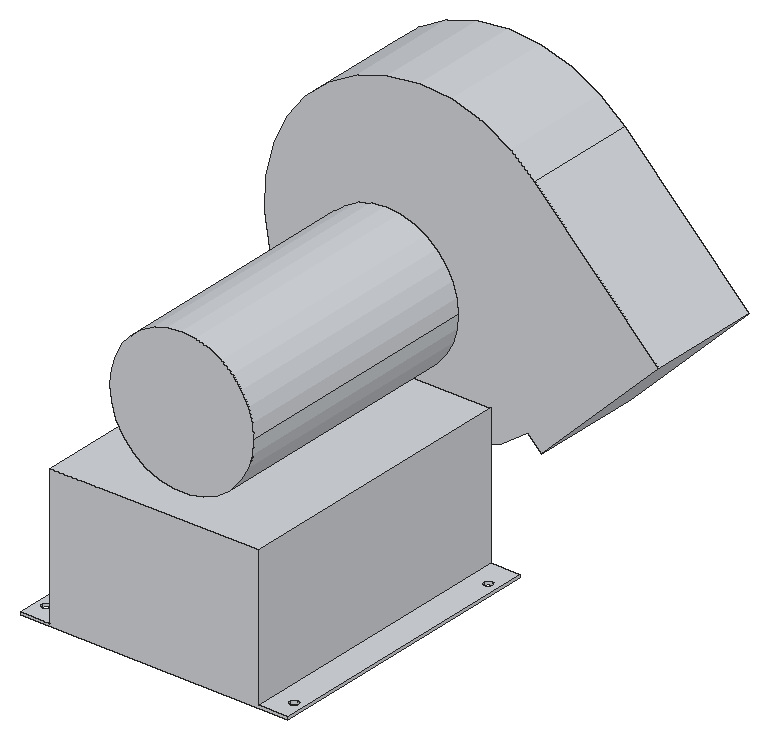
Revit family "CPFD_CW_TAD", category Mechanical Equipment, Revit 2019
Family settings
  Round Connector Dimension = Use Radius
  Part Type = Normal
  Work Plane-Based = No
  Always vertical = Yes
  Cut with Voids When Loaded = No
  Shared = No
  Room Calculation Point = No
Parameters (values of type "7_CPFD_CW_TAD")
  Unit Weight [instance] = ""
  T_SQ/2 = T_SQ / 2  # 1' - 4"
  T_SQ = 2' - 8"
  Sones [instance] = ""
  SPACE = 0' - 2 1/2"
  S = 0' - 4 3/4"
  R = 0' - 1 1/4"
  Q = 0' - 3 7/8"
  P/6 = P / 6  # 0' - 1.16667"
  P/2 = P / 2  # 0' - 3 1/2"
  P = 0' - 7"
  N/2 = N / 2  # 0' - 0 7/32"
  N = 0' - 0 7/16"
  Motor RPM [instance] = ""
  Motor Enclosure [instance] = ""
  ModelID [instance] = ""
  M = 0' - 3 5/8"
  LwA [instance] = ""
  L = 0' - 7 1/8"
  K = 0' - 1"
  J = 1' - 0 1/4"
  H/2 = H / 2  # 0' - 6 1/4"
  H-1.5" = H - 0' 1 1/2"  # 0' - 11"
  H = 1' - 0 1/2"
  G-Q = 0' - 5 49/128"
  G-1" = G - 0' 1"  # 1' - 0 3/4"
  G = 1' - 1 3/4"
  Fan RPM [instance] = ""
  F+1.25" = -(F + 0' 1 1/4")  # -0' - 6 5/8"
  F+.25" = -(F + 0' 0 1/4")  # -0' - 5 5/8"
  F = 0' - 5 3/8"
  E+.25" = E + 0' 0 1/4"  # 0' - 8 5/8"
  E = 0' - 8 3/8"
  D-S = D - S  # 0' - 5 7/8"
  D+R = D + R  # 0' - 11 7/8"
  D = 0' - 10 5/8"
  C/2 = C / 2  # 0' - 9"
  C = 1' - 6"
  B/2 = B / 2  # 0' - 10 1/8"
  B-F-2" = B - F - 0' 2"  # 1' - 0 7/8"
  B-F-.25" = B - F - 0' 0 1/4"  # 1' - 2 5/8"
  B = 1' - 8 1/4"
  Accessories [instance] = ""
  A/2 = A / 2  # 0' - 6 3/4"
  A = 1' - 1 1/2"
  45_ = 45.00°
  45 = 225.00°  # constant formula
  3" = 0' - 3"  # constant formula
  Brake Hp [instance] = ""
  4" = 0' - 4"  # constant formula
  2' = 2' - 0"
  2" = 0' - 2"  # constant formula
  1" = 0' - 1"  # constant formula
  0 = 0' - 0"  # constant formula
  Voltage [instance] = 0 V
  URL = "www.lorencook.com"
  Type Comments = "Forward Curved Centrifugal Blower Direct Drive Clockwise Top Angular Down Arrangement 4"  # constant formula
  Static Pressure [instance] = 0.00 in-wg
  Power [instance] = Voltage * Motor FLA * sqrt(if(Phase = 3, 3, 1))  # 0 VA
  Phase [instance] = 0
  Number of Poles [instance] = 1
  Motor Hp [instance] = "0"
  Motor FLA [instance] = 0 A
  Model = "CPFD_CW_TAD"  # constant formula
  Manufacturer = "Loren Cook Company"
  CFM [instance] = 0 CFM
  1.5 = 0' - 1 1/2"  # constant formula
  ONE EIGTH = 0' - 0 1/8"  # constant formula
  (P/2)-.125" = (P / 2) - 0' 0 1/8"  # 0' - 3 3/8"
Types (6): name | SPACE | S | R | Q | P/6 | P/2 | P | N/2 | N | M | L | J | H/2 | H-1.5" | H | G-1" | G | F+1.25" | F+.25" | F | E+.25" | E | D-S | D+R | D | C/2 | C | B/2 | B-F-2" | B-F-.25" | B | A/2 | A | (P/2)-.125"
  (no name) | 0' - 2 1/2" | 0' - 4 3/4" | 0' - 1 1/4" | 0' - 3 7/8" | 0' - 1.16667" | 0' - 3 1/2" | 0' - 7" | 0' - 0 7/32" | 0' - 0 7/16" | 0' - 3 5/8" | 0' - 7 1/8" | 1' - 0 1/4" | 0' - 6 1/4" | 0' - 11" | 1' - 0 1/2" | 1' - 0 3/4" | 1' - 1 3/4" | -0' - 6 5/8" | -0' - 5 5/8" | 0' - 5 3/8" | 0' - 8 5/8" | 0' - 8 3/8" | 0' - 5 7/8" | 0' - 11 7/8" | 0' - 10 5/8" | 0' - 9" | 1' - 6" | 0' - 10 1/8" | 1' - 0 7/8" | 1' - 2 5/8" | 1' - 8 1/4" | 0' - 6 3/4" | 1' - 1 1/2" | 0' - 3 3/8"
  6_CPFD_CW_TAD | 0' - 2" | 0' - 4 3/8" | 0' - 1 1/4" | 0' - 3 11/16" | 0' - 1.16667" | 0' - 3 1/2" | 0' - 7" | 0' - 0 7/32" | 0' - 0 7/16" | 0' - 3 5/8" | 0' - 4 5/8" | 0' - 10 3/4" | 0' - 6 1/4" | 0' - 11" | 1' - 0 1/2" | 1' - 0 1/16" | 1' - 1 1/16" | -0' - 5 7/8" | -0' - 4 7/8" | 0' - 4 5/8" | 0' - 8 1/8" | 0' - 7 7/8" | 0' - 3 3/4" | 0' - 9 3/8" | 0' - 8 1/8" | 0' - 7 15/32" | 1' - 2 15/16" | 0' - 9 1/4" | 0' - 11 7/8" | 1' - 1 5/8" | 1' - 6 1/2" | 0' - 6 3/4" | 1' - 1 1/2" | 0' - 3 3/8"
  7_CPFD_CW_TAD | 0' - 2 1/2" | 0' - 4 3/4" | 0' - 1 1/4" | 0' - 3 7/8" | 0' - 1.16667" | 0' - 3 1/2" | 0' - 7" | 0' - 0 7/32" | 0' - 0 7/16" | 0' - 3 5/8" | 0' - 7 1/8" | 1' - 0 1/4" | 0' - 6 1/4" | 0' - 11" | 1' - 0 1/2" | 1' - 0 3/4" | 1' - 1 3/4" | -0' - 6 5/8" | -0' - 5 5/8" | 0' - 5 3/8" | 0' - 8 5/8" | 0' - 8 3/8" | 0' - 5 7/8" | 0' - 11 7/8" | 0' - 10 5/8" | 0' - 9" | 1' - 6" | 0' - 10 1/8" | 1' - 0 7/8" | 1' - 2 5/8" | 1' - 8 1/4" | 0' - 6 3/4" | 1' - 1 1/2" | 0' - 3 3/8"
  9_CPFD_CW_TAD | 0' - 2" | 0' - 5 1/2" | 0' - 1 9/16" | 0' - 4 3/8" | 0' - 1 1/2" | 0' - 4 1/2" | 0' - 9" | 0' - 0 9/32" | 0' - 0 9/16" | 0' - 4 5/8" | 0' - 7 5/8" | 1' - 1 3/4" | 0' - 6 3/8" | 0' - 11 1/4" | 1' - 0 3/4" | 0' - 10 1/2" | 0' - 11 1/2" | -0' - 7 1/8" | -0' - 6 1/8" | 0' - 5 7/8" | 0' - 10 1/8" | 0' - 9 7/8" | 0' - 5 5/8" | 1' - 0 11/16" | 0' - 11 1/8" | 0' - 9 29/32" | 1' - 7 13/16" | 0' - 10 7/8" | 1' - 1 7/8" | 1' - 3 5/8" | 1' - 9 3/4" | 0' - 7" | 1' - 2" | 0' - 4 3/8"
  10_CPFD_CW_TAD | 0' - 3" | 0' - 6 7/16" | 0' - 1 3/4" | 0' - 4 15/16" | 0' - 1 1/2" | 0' - 4 1/2" | 0' - 9" | 0' - 0 9/32" | 0' - 0 9/16" | 0' - 4 5/8" | 0' - 9 7/8" | 1' - 1 3/4" | 0' - 7 1/8" | 1' - 0 3/4" | 1' - 2 1/4" | 1' - 5" | 1' - 6" | -0' - 7 5/8" | -0' - 6 5/8" | 0' - 6 3/8" | 0' - 11 5/8" | 0' - 11 3/8" | 0' - 7 15/16" | 1' - 4 1/8" | 1' - 2 3/8" | 1' - 0 1/16" | 2' - 0 1/8" | 0' - 11 1/8" | 1' - 1 7/8" | 1' - 3 5/8" | 1' - 10 1/4" | 0' - 7 3/4" | 1' - 3 1/2" | 0' - 4 3/8"
  12_CPFD_CW_TAD | 0' - 4 1/4" | 0' - 7 1/16" | 0' - 2 1/2" | 0' - 5 11/16" | 0' - 2.08333" | 0' - 6 1/4" | 1' - 0 1/2" | 0' - 0 9/32" | 0' - 0 9/16" | 0' - 4 5/8" | 0' - 9 7/8" | 1' - 2 1/4" | 0' - 7 7/8" | 1' - 2 1/4" | 1' - 3 3/4" | 1' - 7 7/8" | 1' - 8 7/8" | -0' - 7 1/8" | -0' - 6 1/8" | 0' - 5 7/8" | 1' - 1 5/8" | 1' - 1 3/8" | 0' - 7 5/16" | 1' - 4 7/8" | 1' - 2 3/8" | 1' - 0 15/16" | 2' - 1 7/8" | 0' - 11 3/8" | 1' - 2 7/8" | 1' - 4 5/8" | 1' - 10 3/4" | 0' - 8 1/2" | 1' - 5" | 0' - 6 1/8"
Reference planes (in)
  plane 1 "Center (Front/Back)": y = 0
  plane 2: z = 0
  plane 3 "Center (Left/Right)": x = 0.40541
Forms (in)
  Extrusion 1, solid
    sketch origin (0, 0, 0) x (1, 0, 0) y (0, 0, 1)
      loop
        line (-6.34459, 0) -> (7.15541, 0) -> (7.15541, 0.125) -> (5.65541, 0.125) -> (5.65541, 7.125) -> (-4.84459, 7.125) -> (-4.84459, 0.125) -> (-6.34459, 0.125) -> (-6.34459, 0)
    from 0 to 14.625 <- "B-F-.25""
  Extrusion 2, solid
    sketch origin (0, 0, 0) x (1, 0, 0) y (0, 0, 1)
      loop
        circle (0.40541, 10.75) r 3.625
    from 0 to 12.875 <- "B-F-2""
  Extrusion 3, solid
    sketch origin (0, 0, 0) x (1, 0, 0) y (0, 0, 1)
      loop
        circle (0.40541, 10.625) r 3.5
      loop
        circle (0.40541, 10.625) r 3.375
    from -6.625 <- "F+1.25"" to -5.625 <- "F+.25""
  Extrusion 4, void
    sketch origin (0, 0, 0) x (1, 0, 0) y (0, 1, 0)
      loop
        circle (-5.84459, -13.625) r 0.21875
      loop
        circle (-5.84459, -1.375) r 0.21875
      loop
        circle (6.65541, -13.625) r 0.21875
      loop
        circle (6.65541, -1.375) r 0.21875
    from 0 to 0.125
  Extrusion 5, solid
    sketch origin (0, 0, 0) x (1, 0, 0) y (0, 0, 1)
      loop
        line (14.15541, 11.875) -> (7.90541, 18.125)
        arc (7.90541, 18.125) -> (-5.73053, 12.83719) -> (7.52629, 6.66009) r 7.94946
        line (7.52629, 6.66009) -> (8.23339, 5.95298) -> (14.15541, 11.875)
    from 0 to -5.625 <- "F+.25""
  Revolve 6, void
    sketch origin (0.40541, 0, 0) x (0, 1, 0) y (0, 0, 1)
      loop
        arc (5.625, 14) -> (5.28329, 13.17504) -> (4.45833, 12.83333) r 1.16667
        line (4.45833, 12.83333) -> (4.45833, 10.625) -> (5.625, 10.625) -> (5.625, 14)
      axis (4.45833, 10.625) -> (5.625, 10.625)
    angle from 0 to 360
Cuts and joins
  Extrusion 4 cuts Extrusion 1
  Revolve 6 cuts Extrusion 3
  Revolve 6 cuts Extrusion 5
Lines and regions (in)
  model lines
    curve 1: line (0.40541, 0, 10.625) -> (7.23028, 0, 17.44987)
Dimensions and locks (in)
  "A/2": plane 3 "Center (Left/Right)" to Extrusion 1 sketch curve
  "A/2": Extrusion 1 sketch curve to plane 3 "Center (Left/Right)"
  "1.5": Extrusion 1 sketch curve to Extrusion 1 sketch curve  (x2)
  "L": Extrusion 1 sketch curve to level
  "ONE EIGTH": Extrusion 1 sketch curve to Extrusion 1 sketch curve  (x2)
  "0": Extrusion 2 sketch curve to Extrusion 1
  "0": Extrusion 2 sketch curve to plane 3 "Center (Left/Right)"
  "M": Extrusion 2 sketch curve to Extrusion 1
  "0": Extrusion 3 sketch curve to plane 3 "Center (Left/Right)"  (x2)
  "K": Extrusion 1 to Extrusion 4 sketch curve  (x2)
  "J": Extrusion 4 sketch curve to Extrusion 4 sketch curve  (x2)
  "H/2": Extrusion 4 sketch curve to plane 3 "Center (Left/Right)"  (x4)
  locked: Extrusion 3 sketch curve to Extrusion 3 sketch curve
  "D": Extrusion 3 sketch curve to level
  "D": Revolve 6 sketch curve to level
  "0": Revolve 6 sketch curve to Revolve 6 sketch curve
  "P/6": Extrusion 5 to Revolve 6 sketch curve
  "(P/2)-.125"": Revolve 6 sketch curve to Revolve 6 sketch curve
  "D": level to curve 1
  "0": curve 1 to Extrusion 5 sketch curve
  "E": Extrusion 5 sketch curve to Extrusion 5 sketch curve
  "D+R": level to Extrusion 5 sketch curve
  "G": Extrusion 5 sketch curve to plane 3 "Center (Left/Right)"
  "1"": Extrusion 5 sketch curve to Extrusion 5 sketch curve
  "SPACE": Extrusion 5 sketch curve to cut or joined group of Extrusion 1, Extrusion 4
  "P/2": radius of Extrusion 3 sketch curve
  "(P/2)-.125"": radius of Extrusion 3 sketch curve
  "N/2": radius of Extrusion 4 sketch curve  (x4)
  "P/6": radius of Revolve 6 sketch curve
  "45": angle curve 1 to level
  "45_": angle level to Extrusion 5 sketch curve
Automatic sketch dimensions
  Extrusion 1 sketch curve to level = 0' - 0"
  Revolve 6 sketch curve to Revolve 6 sketch curve = 0' - 0"
  Revolve 6 sketch curve to Revolve 6 sketch curve = 0' - 2 3/4"
  curve 1 to plane 3 "Center (Left/Right)" = 0' - 0"
Connectors (in)
  electrical at (0.40541, -12.875, 10.75)
    settings: on Extrusion 2, index 1, voltage 0 V, apparent load 0 VA, apparent load phase1 0 VA, apparent load phase2 0 VA, apparent load phase3 0 VA, power factor 1, load classification "Other", number of poles 1, system type 30, power factor state 1, is connector primary yes, connector utility no, sub classification motor no, connector description ""
  hvac at (0.40541, 6.625, 10.625), driven by "P/2"
    settings: on Extrusion 3, index 4, duct flow 0 CFM, flow factor 0, pres drop 0.00 in-wg, loss coef 0, conn angle 0.00°, conn width 12", conn height 12", conn diameter 7", duct sys type 29, conn prof type 0, flow config 0, flow direction 1, loss method 0, conn ref index -1, conn util no, is conn primary yes, conn desc ""
  hvac at (11.1944, 2.8125, 8.91399), driven by "E", driven by "F"
    settings: on cut or joined group of Extrusion 5, Revolve 6, index 5, duct flow 0 CFM, flow factor 0, pres drop 0.00 in-wg, loss coef 0, conn angle 0.00°, conn width 5 3/8", conn height 8 3/8", conn diameter 24", duct sys type 29, conn prof type 1, flow config 0, flow direction 2, loss method 0, conn ref index -1, conn util no, is conn primary no, conn desc ""
